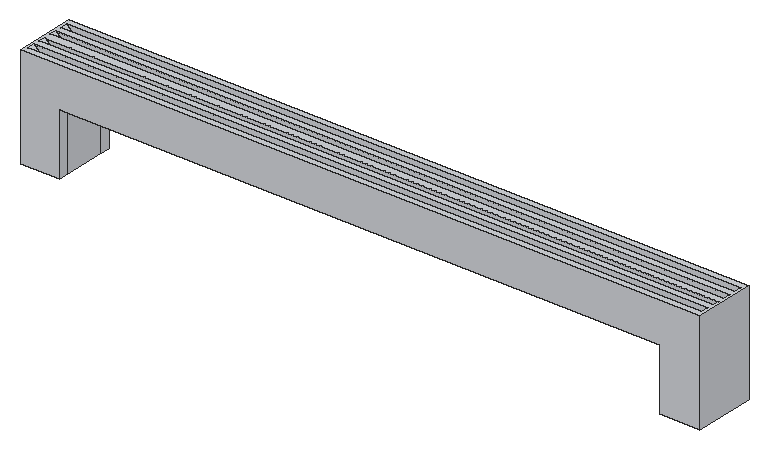
Revit family "SP05", category Mechanical Equipment, Revit 2017
Family settings
  Round Connector Dimension = Use Diameter
  Part Type = Normal
  OmniClass Number = 23.75.00.00
  OmniClass Title = Climate Control (HVAC)
  Work Plane-Based = No
  Always vertical = Yes
  Cut with Voids When Loaded = No
  Shared = No
  Room Calculation Point = No
Parameters
  Width = 107 mm
  Length = 1200 mm
  Leg height = 180 mm
  Height = 180 mm
Reference planes
  plane 1 "Center (Front/Back)": y = 0
  plane 2: z = 0
  plane 3 "Center (Left/Right)": x = 0
  plane 4: x = 0
  plane 5: x = -600
  plane 6: x = 600
  plane 7: x = -595
  plane 8: x = -580
  plane 9: x = 595
  plane 10: x = 580
  plane 11: x = 597
  plane 12: x = -597
  plane 13: z = 180
  plane 14: z = 165
  plane 15: z = 125
  plane 16: z = 110
  plane 17: y = -3
  plane 18: y = -107
  plane 19: y = -104
  plane 20: y = -89
  plane 21: y = -18
  plane 22: x = -530
  plane 23: x = 530
  plane 24: x = -533
  plane 25: x = 533
  plane 26 "Center": y = -53.5
Forms (mm)
  Extrusion 1, solid
    sketch origin (0, 0, 0) x (1, 0, 0) y (0, 0, 1)
      loop
        line (-600, 180) -> (-600, 110) -> (-595, 110) -> (-580, 125) -> (-580, 165) -> (-595, 180) -> (-600, 180)
      loop
        line (600, 180) -> (595, 180) -> (580, 165) -> (580, 125) -> (595, 110) -> (600, 110) -> (600, 180)
    from 0 to 107
  Extrusion 2, solid
    sketch origin (0, 0, 0) x (1, 0, 0) y (0, 1, 0)
      loop
        line (530, -18) -> (533, -18) -> (533, -3) -> (597, -3) -> (597, -104) -> (533, -104) -> (533, -89) -> (530, -89) -> (530, -107) -> (600, -107) -> (600, 0) -> (530, 0) -> (530, -18)
      loop
        line (-530, -18) -> (-530, 0) -> (-600, 0) -> (-600, -107) -> (-530, -107) -> (-530, -89) -> (-533, -89) -> (-533, -104) -> (-597, -104) -> (-597, -3) -> (-533, -3) -> (-533, -18) -> (-530, -18)
    from 0 to 110
  Extrusion 3, solid
    sketch origin (0, 0, 0) x (1, 0, 0) y (0, 1, 0)
      loop
        line (-595, 0) -> (-595, -11) -> (595, -11) -> (595, 0) -> (-595, 0)
    from 110 to 180
  Extrusion 4, solid
    sketch origin (0, -24, 0) x (1, 0, 0) y (0, 1, 0)
      loop
        line (-595, 0) -> (-595, -11) -> (595, -11) -> (595, 0) -> (-595, 0)
    from 110 to 180
  Extrusion 5, solid
    sketch origin (0, -48, 0) x (1, 0, 0) y (0, 1, 0)
      loop
        line (-595, 0) -> (-595, -11) -> (595, -11) -> (595, 0) -> (-595, 0)
    from 110 to 180
  Extrusion 6, solid
    sketch origin (0, -72, 0) x (1, 0, 0) y (0, 1, 0)
      loop
        line (-595, 0) -> (-595, -11) -> (595, -11) -> (595, 0) -> (-595, 0)
    from 110 to 180
  Extrusion 7, solid
    sketch origin (0, -96, 0) x (1, 0, 0) y (0, 1, 0)
      loop
        line (-595, 0) -> (-595, -11) -> (595, -11) -> (595, 0) -> (-595, 0)
    from 110 to 180
  Extrusion 8, solid
    sketch origin (0, 0, 0) x (1, 0, 0) y (0, 1, 0)
      loop
        circle (-553, -53.5) r 10.5
      loop
        circle (553, -53.5) r 10.5
    from 95 to 110
  Extrusion 9, solid
    sketch origin (0, 0, 0) x (1, 0, 0) y (0, 1, 0)
      loop
        line (-533, -18) -> (-533, -89) -> (-530, -89) -> (-530, -18) -> (-533, -18)
      loop
        line (533, -18) -> (530, -18) -> (530, -89) -> (533, -89) -> (533, -18)
    from 0 to 110
Cuts and joins
  joined: Extrusion 1, Extrusion 2, Extrusion 3, Extrusion 4, Extrusion 5, Extrusion 6, Extrusion 7
Dimensions and locks
  equal spacing: plane 5, plane 4, plane 6
  "Length": plane 5 to plane 6
  locked: plane 7 to plane 8 at 15
  locked: plane 5 to plane 7 at 5
  locked: plane 9 to plane 10 at 15
  locked: plane 6 to plane 9 at 5
  locked: plane 11 to plane 6 at 3
  locked: plane 5 to plane 12 at 3
  "Height": plane 13 to level
  locked: plane 13 to plane 14 at 15
  locked: plane 13 to plane 16 at 70
  locked: plane 15 to plane 16 at 15
  "Width": plane 18 to plane 1 "Center (Front/Back)"
  locked: plane 23 to plane 6 at 70
  locked: plane 17 to plane 1 "Center (Front/Back)" at 3
  locked: plane 19 to plane 18 at 3
  locked: plane 21 to plane 1 "Center (Front/Back)" at 18
  locked: plane 20 to plane 18 at 18
  locked: plane 24 to plane 22 at 3
  locked: plane 23 to plane 25 at 3
  Extrusion 3 sketch curve to Extrusion 3 sketch curve = 11 mm
  Extrusion 4 sketch curve to Extrusion 4 sketch curve = 11 mm
  Extrusion 5 sketch curve to Extrusion 5 sketch curve = 11 mm
  Extrusion 6 sketch curve to Extrusion 6 sketch curve = 11 mm
  Extrusion 7 sketch curve to Extrusion 7 sketch curve = 11 mm
  locked: plane 5 to plane 22 at 70
  equal spacing: plane 18, plane 26 "Center", plane 1 "Center (Front/Back)"
  Extrusion 8 sketch curve to plane 1 "Center (Front/Back)" = 53.5 mm
  locked: plane 5 to Extrusion 8 sketch curve at 47
  locked: Extrusion 8 sketch curve to plane 1 "Center (Front/Back)" at 53.5
  locked: Extrusion 8 sketch curve to plane 6 at 47
  locked: plane 16 to Extrusion 8 at 15
  locked: Extrusion 3 to Extrusion 3 at 11
  locked: Extrusion 4 to Extrusion 3 at 13
  plane 21 to Extrusion 4 to Extrusion 4 = 6 mm locked, 11 mm locked
  locked: Extrusion 5 to Extrusion 4 at 13
  locked: Extrusion 5 to Extrusion 5 at 11
  locked: Extrusion 6 to Extrusion 5 at 13
  locked: Extrusion 6 to Extrusion 6 at 11
  locked: Extrusion 7 to Extrusion 6 at 13
  locked: Extrusion 7 to Extrusion 7 at 11
  aligned and locked: level to plane 2
  aligned and locked: plane 5 to Extrusion 1 sketch curve
  aligned and locked: Extrusion 1 sketch curve to plane 8
  aligned and locked: plane 16 to Extrusion 1 sketch curve
  aligned and locked: Extrusion 1 sketch curve to plane 13
  aligned and locked: Extrusion 1 sketch curve to plane 6
  aligned and locked: plane 13 to Extrusion 1 sketch curve
  aligned and locked: plane 10 to Extrusion 1 sketch curve
  aligned and locked: Extrusion 1 sketch curve to plane 16
  aligned and locked: plane 17 to Extrusion 2 sketch curve
  aligned and locked: Extrusion 2 sketch curve to plane 25  (x2)
  aligned and locked: plane 21 to Extrusion 2 sketch curve
  aligned and locked: plane 23 to Extrusion 2 sketch curve  (x2)
  aligned and locked: plane 1 "Center (Front/Back)" to Extrusion 2 sketch curve
  aligned and locked: plane 11 to Extrusion 2 sketch curve
  aligned and locked: plane 6 to Extrusion 2 sketch curve
  aligned and locked: Extrusion 2 sketch curve to plane 19
  aligned and locked: Extrusion 2 sketch curve to plane 20
  aligned and locked: plane 18 to Extrusion 2 sketch curve
  aligned and locked: plane 22 to Extrusion 2 sketch curve  (x2)
  aligned and locked: Extrusion 2 sketch curve to plane 24  (x2)
  aligned and locked: Extrusion 2 sketch curve to plane 21
  aligned and locked: Extrusion 2 sketch curve to plane 1 "Center (Front/Back)"
  aligned and locked: Extrusion 2 sketch curve to plane 17
  aligned and locked: plane 20 to Extrusion 2 sketch curve
  aligned and locked: Extrusion 2 sketch curve to plane 18
  aligned and locked: plane 19 to Extrusion 2 sketch curve
  aligned and locked: Extrusion 2 sketch curve to plane 12
  aligned and locked: Extrusion 2 sketch curve to plane 5
  aligned and locked: plane 16 to Extrusion 2
  aligned and locked: plane 13 to Extrusion 3
  aligned and locked: Extrusion 3 to plane 16
  aligned and locked: Extrusion 7 to plane 9
  aligned and locked: Extrusion 6 to plane 9
  aligned and locked: Extrusion 5 to plane 9
  aligned and locked: Extrusion 4 to plane 9
  aligned and locked: Extrusion 3 to plane 9
  aligned and locked: plane 16 to Extrusion 8
  aligned and locked: plane 13 to Extrusion 7
  aligned and locked: plane 13 to Extrusion 6
  aligned and locked: plane 13 to Extrusion 5
  aligned and locked: plane 13 to Extrusion 4
  aligned and locked: Extrusion 7 to plane 16
  aligned and locked: Extrusion 6 to plane 16
  aligned and locked: Extrusion 5 to plane 16
  aligned and locked: Extrusion 4 to plane 16
  aligned and locked: Extrusion 1 to plane 18
  aligned and locked: Extrusion 9 sketch curve to plane 21
  aligned and locked: plane 24 to Extrusion 9 sketch curve
  aligned and locked: Extrusion 9 sketch curve to plane 22
  aligned and locked: plane 20 to Extrusion 9 sketch curve
  aligned and locked: plane 21 to Extrusion 9 sketch curve
  aligned and locked: Extrusion 2 to Extrusion 9 sketch curve
  aligned and locked: plane 25 to Extrusion 9 sketch curve
  aligned and locked: Extrusion 9 sketch curve to plane 20
  aligned and locked: plane 16 to Extrusion 9
Automatic sketch dimensions
  Extrusion 1 sketch curve to plane 7 = 0 mm  (x2)
  plane 9 to Extrusion 1 sketch curve = 0 mm  (x2)
  Extrusion 1 sketch curve to plane 15 = 0 mm  (x2)
  Extrusion 1 sketch curve to plane 14 = 0 mm  (x2)
  Extrusion 3 sketch curve to Extrusion 3 sketch curve = 1190 mm
  Extrusion 4 sketch curve to Extrusion 4 sketch curve = 1190 mm
  Extrusion 5 sketch curve to Extrusion 5 sketch curve = 1190 mm
  Extrusion 6 sketch curve to Extrusion 6 sketch curve = 1190 mm
  Extrusion 7 sketch curve to Extrusion 7 sketch curve = 1190 mm
  plane 1 "Center (Front/Back)" to Extrusion 3 sketch curve = 0 mm
  Extrusion 3 sketch curve to plane 7 = 0 mm
  Extrusion 4 sketch curve to plane 7 = 0 mm
  Extrusion 4 sketch curve to plane 21 = 17 mm
  Extrusion 5 sketch curve to plane 7 = 0 mm
  Extrusion 5 sketch curve to plane 21 = 41 mm
  Extrusion 6 sketch curve to plane 7 = 0 mm
  Extrusion 6 sketch curve to plane 21 = 65 mm
  Extrusion 7 sketch curve to plane 7 = 0 mm
  Extrusion 7 sketch curve to plane 21 = 89 mm
  radius of Extrusion 8 sketch curve = 10.5 mm  (x2)
